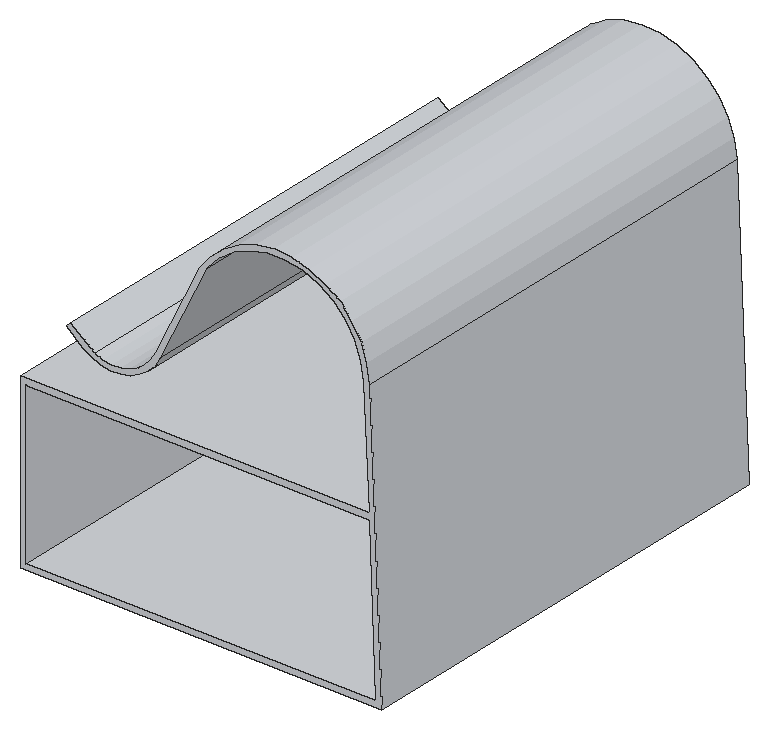
Revit family "DryWall GripClip (TM)", category Structural Connections, Revit 2026
Family settings
  Material for Model Behavior = Other
  Work Plane-Based = No
  Enable Cutting in Views = No
  Always vertical = No
  Cut with Voids When Loaded = No
  Shared = No
Parameters
  Version = "2.0"
  URL = "http://www.steelnetwork.com/Product/GripClip"
  Manufacturer = "The Steel Network, Inc."
Reference planes (in)
  plane 1 "Center (Front/Back)": y = 0
  plane 2: z = 0
  plane 3 "Center (Left/Right)": x = 0
Forms (in)
  Extrusion 1, solid
    sketch origin (0, 0, 0) x (1, 0, 0) y (0, 0, 1)
      loop
        line (-1.0155, -0.52151) -> (0.9535, -0.52151) -> (0.88937, 1.04326)
        arc (0.88937, 1.04326) -> (0.51774, 1.50614) -> (-0.03424, 1.28775) r 0.5
        line (-0.03424, 1.28775) -> (-0.27833, 0.78727)
        arc (-0.27833, 0.78727) -> (-0.421, 0.66105) -> (-0.61113, 0.67268) r 0.24888
        line (-0.61113, 0.67268) -> (-0.73771, 0.77518) -> (-0.76424, 0.74864) -> (-0.67395, 0.67552)
        arc (-0.67395, 0.67552) -> (-0.43883, 0.62372) -> (-0.25047, 0.77368) r 0.27988
        line (-0.25047, 0.77368) -> (0.00766, 1.30294)
        arc (0.00766, 1.30294) -> (0.52336, 1.47428) -> (0.8582, 1.04628) r 0.4717
        line (0.8582, 1.04628) -> (0.88973, 0.41649) -> (-1.0155, 0.41649) -> (-1.0155, -0.52151)
      loop
        line (-0.9845, -0.49051) -> (0.9214, -0.49051) -> (0.89081, 0.38549) -> (-0.9845, 0.38549) -> (-0.9845, -0.49051)
    from 0 to 2.5
